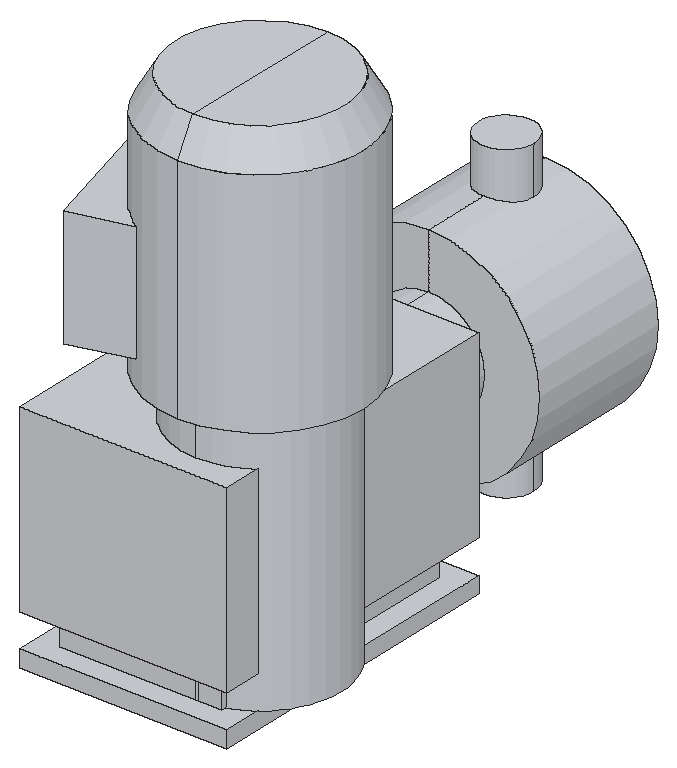
Revit family "a2d5af9b68084c918ce4dfabae63f69d", category Mechanical Equipment, Revit 2021
Family settings
  Round Connector Dimension = Use Radius
  Classification = Pump
  Part Type = Normal
  OmniClass Number = 23.60.30.21
  OmniClass Title = Pumps
  Work Plane-Based = No
  Always vertical = Yes
  Cut with Voids When Loaded = No
  Shared = No
  Room Calculation Point = No
Parameters (values of type "DMX 24-8")
  Default Elevation = 0"
  Base Width = 4 165/256"
  Voltage [instance] = 115 V
  Symbol Radius = Base Width / 2  # 2.32227"
  Suction Nominal Radius = Discharge Nominal Radius  # 5/8"
  Pump Material = none
  Number of Poles [instance] = 1
  Motor Radius = Motor Diameter / 2  # 2.32227"
  Motor Diameter = Base Width  # 4 165/256"
  Load Classification = Appliance - Dwelling Unit
  Length 1 = Base Width / 2 - 25/128"  # 2.12695"
  Length = 11 57/64"
  Height = 12.20472"
  Flow [instance] = 0.00 GPH
  Discharge Nominal Radius = 5/8"
  Discharge Nominal Diameter = Discharge Nominal Radius * 2  # 1 1/4"
  Body Z Offset = 3.36614"
  Body Radius = Connection End to End / 2 - 1"  # 2 129/256"
  Connection Y Offset = Discharge Nominal Radius + 1/2"  # 1 1/8"
  Connection End to End = 7 1/128"
  Base Length = 7 11/128"
  Body Height = Height * 2 / 5  # 4.88189"
  Apparent Load [instance] = 0 VA
Reference planes (in)
  plane 1 "Center (Front/Back)": y = 0
  plane 2: z = 0
  plane 3 "Center (Left/Right)": x = 0
  plane 4: x = -2.32227
  plane 5: x = 2.32227
  plane 6: y = -5.94531
  plane 7: y = 5.94531
  plane 8: z = 12.20472
  plane 9: x = -1.82227
  plane 10: x = 1.82227
  plane 11: z = 0.375
  plane 12: z = 5.25689
  plane 13 "body front": y = -5.94531
  plane 14 "body back": y = 1.14062
  plane 15 "connection cl": y = 4.82031
  plane 16 "body z cl": z = 3.36614
  plane 17: z = 6.87005
  plane 18: z = -0.13776
  plane 19: x = -1.07227
  plane 20: z = 1.125
  plane 21: y = 2.64062
  plane 22 "pump x cl": x = 1.22047
  plane 23 "pump y cl": y = -3.62305
  plane 24: z = 9.53739
Forms (in)
  Extrusion 1, solid, material <- "Pump Material"
    sketch origin (0, 0, 0) x (0, 1, 0) y (0, 0, 1)
      loop
        line (1.14062, 0.375) -> (-5.94531, 0.375) -> (-5.94531, 0) -> (1.14062, 0) -> (1.14062, 0.375)
      loop
        line (1.14062, 5.25689) -> (-5.94531, 5.25689) -> (-5.94531, 1.125) -> (1.14062, 1.125) -> (1.14062, 5.25689)
    from -2.32227 to 2.32227
  Extrusion 2, solid, material <- "Pump Material"
    sketch origin (0, 0, 0) x (0, 1, 0) y (0, 0, 1)
      loop
        line (0.64062, 1.125) -> (-5.44531, 1.125) -> (-5.44531, 0.375) -> (0.64062, 0.375) -> (0.64062, 1.125)
    from -1.82227 to 1.82227
  Extrusion 3, solid, material <- "Pump Material"
    sketch origin (0, 0, 0) x (1, 0, 0) y (0, 1, 0)
      loop
        circle (0, 4.82031) r 0.625
    from -0.13776 to 6.87005
  Revolve 4, solid, material <- "Pump Material"
    sketch origin (0, 0, 0) x (0, 1, 0) y (0, 0, 1)
      loop
        line (1.14062, 3.36614) -> (5.94531, 3.36614) -> (5.94531, 5.87005) -> (2.64062, 5.87005) -> (2.64062, 4.61614) -> (1.14062, 4.61614) -> (1.14062, 3.36614)
      axis (5.94531, 3.36614) -> (1.14062, 3.36614)
    angle from 0 to 360
  Revolve 5, solid, material <- "Pump Material"
    sketch origin (1.22047, 0, 0) x (0, 1, 0) y (0, 0, 1)
      loop
        line (-5.94531, 11.45472) -> (-5.94531, 6.25689) -> (-5.44531, 6.25689) -> (-5.44531, 0.375) -> (-3.62305, 0.375) -> (-3.62305, 12.20472) -> (-5.5123, 12.20472) -> (-5.94531, 11.45472)
      axis (-3.62305, 12.20472) -> (-3.62305, 0.375)
    angle from 0 to 360
  Extrusion 6, solid, material <- "Pump Material"
    sketch origin (0, 0, 0) x (1, 0, 0) y (0, 1, 0)
      loop
        line (1.62961, -5.14997) -> (0.81134, -2.09613) -> (-2.15693, -2.89147) -> (-1.33866, -5.94531) -> (1.62961, -5.14997)
    from 6.87005 to 9.53739
Cuts and joins
  joined: Extrusion 1, Revolve 5, Extrusion 6
  joined: Extrusion 3, Revolve 4
Lines and regions (in)
  Masking region 1, detail levels fine
    outline origin (0, 0, 0) x (1, 0, 0) y (0, 1, 0)
      loop
        line (-2.50391, 5.94531) -> (-2.50391, 2.64062) -> (-1.25, 2.64062) -> (-1.25, 1.14062) -> (-2.32227, 1.14062) -> (-2.32227, -5.94531) -> (2.32227, -5.94531) -> (2.32227, -5.6673)
        arc (2.32227, -5.6673) -> (3.54274, -3.62305) -> (2.32227, -1.57879) r 2.32227
        line (2.32227, -1.57879) -> (2.32227, 1.14062) -> (1.25, 1.14062) -> (1.25, 2.64062) -> (2.50391, 2.64062) -> (2.50391, 5.94531) -> (-2.50391, 5.94531)
  symbolic lines, detail levels fine
    curve 1: line (-1.25, 2.64062, 0) -> (1.25, 2.64062, 0)
    curve 2: line (-1.25, 1.14062, 0) -> (1.25, 1.14062, 0)
    curve 3: circle (1.22047, -3.62305, 0) r 2.32227 normal (0, 0, 1)
    curve 4: circle (1.22047, -3.62305, 0) r 1.82227 normal (0, 0, 1)
    curve 5: line (-2.15693, -2.89147, 0) -> (-1.33866, -5.94531, 0)
    curve 6: line (-0.83189, -2.53643, 0) -> (-2.15693, -2.89147, 0)
    curve 7: line (-1.33866, -5.94531, 0) -> (-0.01361, -5.59027, 0)
    curve 8: circle (0, 4.82031, 0) r 0.625 normal (0, 0, 1)
Dimensions and locks (in)
  equal spacing: plane 4, plane 3 "Center (Left/Right)", plane 5
  "Base Width": plane 4 to plane 5
  equal spacing: plane 7, plane 1 "Center (Front/Back)", plane 6
  "Length": plane 7 to plane 6
  "Height": plane 8 to level
  locked: plane 4 to plane 9 at 0.5
  locked: plane 10 to plane 5 at 0.5
  locked: plane 11 to level at 0.375
  "Body Height": plane 12 to plane 11
  "Base Length": plane 14 "body back" to plane 13 "body front"
  "Connection Y Offset": plane 7 to plane 15 "connection cl"
  locked: plane 19 to plane 9 at 0.75
  equal spacing: plane 17, plane 16 "body z cl", plane 18
  "Connection End to End": plane 17 to plane 18
  locked: plane 20 to plane 11 at 0.75
  locked: plane 14 "body back" to Extrusion 2 sketch curve at 0.5
  locked: Extrusion 2 sketch curve to plane 13 "body front" at 0.5
  "Body Z Offset": plane 16 "body z cl" to level
  locked: plane 21 to plane 14 "body back" at 1.5
  "Body Radius": Revolve 4 sketch curve to Revolve 4 sketch curve
  "Discharge Nominal Diameter": Revolve 4 sketch curve to Revolve 4 sketch curve
  locked: plane 3 "Center (Left/Right)" to plane 22 "pump x cl" at 1.22047
  "Motor Radius": plane 23 "pump y cl" to plane 13 "body front"
  locked: Revolve 5 sketch curve to Revolve 5 sketch curve at 0.5
  "Motor Radius": Revolve 5 sketch curve to Revolve 5 sketch curve
  plane 8 to Revolve 5 sketch curve = 3/4"
  locked: Revolve 5 sketch curve to plane 12 at 1
  equal spacing: plane 8, plane 24, plane 17
  "Discharge Nominal Diameter": plane 3 "Center (Left/Right)" to Masking region 1 sketch curve
  "Discharge Nominal Diameter": Masking region 1 sketch curve to plane 3 "Center (Left/Right)"
  "Body Radius": Masking region 1 sketch curve to plane 3 "Center (Left/Right)"
  "Body Radius": plane 3 "Center (Left/Right)" to Masking region 1 sketch curve
  "Discharge Nominal Radius": radius of Extrusion 3 sketch curve
  "Motor Radius": radius of Masking region 1 sketch curve
  aligned and locked: level to Extrusion 1 sketch curve
  aligned and locked: Extrusion 1 sketch curve to plane 11
  aligned and locked: Extrusion 1 to plane 4
  aligned and locked: plane 5 to Extrusion 1
  aligned and locked: plane 1 "Center (Front/Back)" to nested 1
  aligned and locked: plane 3 "Center (Left/Right)" to nested 1
  aligned and locked: plane 11 to Extrusion 2 sketch curve
  aligned and locked: Extrusion 2 to plane 9
  aligned and locked: plane 10 to Extrusion 2
  aligned and locked: plane 3 "Center (Left/Right)" to Extrusion 3 sketch curve
  aligned and locked: plane 15 "connection cl" to Extrusion 3 sketch curve
  aligned and locked: Extrusion 1 sketch curve to plane 13 "body front"  (x2)
  aligned and locked: plane 14 "body back" to Extrusion 1 sketch curve  (x2)
  aligned and locked: Extrusion 1 sketch curve to plane 12
  aligned and locked: plane 20 to Extrusion 1 sketch curve
  aligned and locked: Extrusion 2 sketch curve to plane 20
  aligned and locked: plane 13 "body front" to plane 6
  aligned and locked: Revolve 4 sketch curve to plane 7
  aligned and locked: Revolve 4 sketch curve to Revolve 4 sketch curve
  aligned and locked: Revolve 4 sketch curve to plane 14 "body back"
  aligned and locked: Revolve 4 sketch curve to plane 21
  aligned and locked: plane 23 "pump y cl" to Revolve 5 sketch curve
  aligned and locked: Revolve 5 sketch curve to plane 11
  aligned and locked: plane 13 "body front" to Extrusion 6 sketch curve
  aligned and locked: Extrusion 6 to plane 17
  aligned and locked: plane 17 to cut or joined group of Extrusion 3, Revolve 4
  aligned and locked: cut or joined group of Extrusion 3, Revolve 4 to plane 18
  aligned and locked: Masking region 1 sketch curve to plane 7
  aligned and locked: Masking region 1 sketch curve to plane 21
  aligned and locked: plane 14 "body back" to Masking region 1 sketch curve
  aligned and locked: Masking region 1 sketch curve to plane 14 "body back"
  aligned and locked: plane 21 to Masking region 1 sketch curve
  aligned and locked: Masking region 1 sketch curve to plane 4
  aligned and locked: Masking region 1 sketch curve to plane 5
  aligned and locked: plane 5 to Masking region 1 sketch curve
  aligned and locked: plane 13 "body front" to Masking region 1 sketch curve
  aligned and locked: plane 22 "pump x cl" to Masking region 1 sketch curve
  aligned and locked: curve 1 to Masking region 1
  aligned and locked: Masking region 1 to curve 1  (x2)
  aligned and locked: Masking region 1 to curve 2
  aligned and locked: curve 2 to Masking region 1  (x2)
  aligned and locked: curve 3 to Masking region 1
  aligned and locked: curve 4 to cut or joined group of Extrusion 1, Revolve 5, Extrusion 6
  aligned and locked: curve 5 to cut or joined group of Extrusion 1, Revolve 5, Extrusion 6
  aligned and locked: curve 6 to cut or joined group of Extrusion 1, Revolve 5, Extrusion 6
  aligned and locked: curve 7 to cut or joined group of Extrusion 1, Revolve 5, Extrusion 6
  aligned and locked: curve 8 to cut or joined group of Extrusion 3, Revolve 4
  aligned and locked: plane 24 to cut or joined group of Extrusion 1, Revolve 5, Extrusion 6
Automatic sketch dimensions
  plane 6 to Revolve 4 sketch curve = 1 15/16"
  Revolve 4 sketch curve to Revolve 4 sketch curve = 8 3/64"
  plane 16 "body z cl" to Revolve 4 sketch curve = 0"
  Revolve 5 sketch curve to plane 6 = 0"
  Revolve 5 sketch curve to plane 8 = 0"
  plane 6 to Revolve 5 sketch curve = 0.43301"
  Revolve 5 sketch curve to plane 18 = 10.57598"
  Revolve 5 sketch curve to Revolve 5 sketch curve = 8.08153"
  plane 4 to Extrusion 6 sketch curve = 0.16533"
  Extrusion 6 sketch curve to plane 19 = 0.26639"
  Extrusion 6 sketch curve to plane 22 "pump x cl" = 0.40914"
  Extrusion 6 sketch curve to Extrusion 6 sketch curve = 0.79535"
  Masking region 1 sketch curve to plane 5 = 0"
  Masking region 1 sketch curve to plane 23 "pump y cl" = 0"
Nested families (in)
  nested 1: "Pump Symbol" at (0, 0, 11.75), Symbol Radius <- "Symbol Radius", type "Pump Symbol", detail levels coarse+medium
    with Symbol Radius 2.32227", Symbol Length 2 2.01114", Symbol Length 1 1.16113"
Connectors (in)
  piping at (0, 4.82031, -0.13776), diameter 1.25, driven by "Suction Nominal Radius"
    settings: on cut or joined group of Extrusion 3, Revolve 4, index 1, connector inside diameter 24", connector length 0", flow factor 0, pipe flow 0.00 GPH, pressure drop 0.00 psi, fitting loss kfactor 0, connector angle 0.00°, fixture units 0, engagement length 0", angle of deflection 0.00°, flow configuration 0, flow direction 1, fitting loss method 0, system type 29, joint type 0, gender type 0, connector reference index 2, connector utility 0, adjustable connector no, is connector primary yes, connector description "In"
  piping at (0, 4.82031, 6.87005), diameter 1.25, driven by "Flow", driven by "Discharge Nominal Radius"
    settings: on cut or joined group of Extrusion 3, Revolve 4, index 2, connector inside diameter 24", connector length 0", flow factor 0, pipe flow 0.00 GPH, pressure drop 0.00 psi, fitting loss kfactor 0, connector angle 0.00°, fixture units 0, engagement length 0", angle of deflection 0.00°, flow configuration 0, flow direction 2, fitting loss method 0, system type 29, joint type 0, gender type 0, connector reference index 1, connector utility 0, adjustable connector no, is connector primary no, connector description "Out"
  electrical at (-0.67614, -5.76779, 8.20372), driven by "Number of Poles", driven by "Load Classification", driven by "Voltage", driven by "Apparent Load"
    settings: on cut or joined group of Extrusion 1, Revolve 5, Extrusion 6, index 3, voltage 115 V, apparent load 0 VA, apparent load phase1 0 VA, apparent load phase2 0 VA, apparent load phase3 0 VA, power factor 0.8, load classification "Appliance - Dwelling Unit", number of poles 1, system type 30, power factor state 1, is connector primary yes, connector utility no, sub classification motor no, connector description "Power"
Definition of nested family "Pump Symbol"
  Parameters (values of type "Pump Symbol")
    Symbol Radius [instance] = 24"
    Symbol Length 2 [instance] = cos(30.00°) * Symbol Radius  # 20.78461"
    Symbol Length 1 [instance] = sin(30.00°) * Symbol Radius  # 12"
  Reference planes (in)
    plane 1 "Center (Front/Back)": y = 0
    plane 2: z = 0
    plane 3 "Center (Left/Right)": x = 0
    plane 4: y = 12
    plane 5: y = -24
    plane 6: x = -20.78461
    plane 7: x = 20.78461
  Lines and regions (in)
    Filled region 1, type "Concrete Block", in view "Ref. Level"
      outline origin (0, 0, 0) x (1, 0, 0) y (0, 1, 0)
        loop
          line (-20.78461, 12) -> (0, -24) -> (20.78461, 12) -> (-20.78461, 12)
    detail lines, in view "Ref. Level"
      curve 1: circle (0, 0, 0) r 24 normal (0, 0, 1)
  Dimensions and locks (in)
    "Symbol Radius": plane 1 "Center (Front/Back)" to plane 5
    "Symbol Length 1": plane 4 to plane 1 "Center (Front/Back)"
    "Symbol Length 2": plane 6 to plane 3 "Center (Left/Right)"
    "Symbol Length 2": plane 3 "Center (Left/Right)" to plane 7
    "Symbol Radius": radius of curve 1
    aligned and locked: plane 3 "Center (Left/Right)" to curve 1
    aligned and locked: plane 1 "Center (Front/Back)" to curve 1
  Automatic sketch dimensions
    Filled region 1 sketch curve to plane 4 = 0"
    Filled region 1 sketch curve to plane 6 = 0"
    Filled region 1 sketch curve to plane 3 "Center (Left/Right)" = 0"
    Filled region 1 sketch curve to plane 7 = 0"
    Filled region 1 sketch curve to plane 5 = 0"
